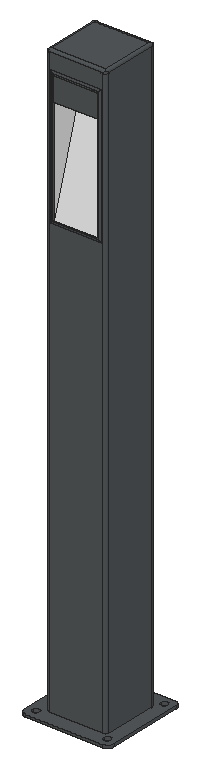
Revit family "svetilnik_alfresco_ar deko_dtu19", category Lighting Fixtures, Revit 2016 (continued)
Definition of nested family "Источник света Ар_Деко"
  Types (5, lengths in mm): name | Photometric Web File | built-in parameter 1150142
         0.2       0.2       0.2       0.2       0.2       0.2       0.2       0.2\r\n       0.2       0.2       0.2       0.2       0.2       0.2       0.2       0.2\r\n       0.2       0.2       0.2       0.2       0.2       0.2       0.2       0.2\r\n       0.2       0.2       0.2       0.2       0.2       0.2       0.2       0.2\r\n       0.2       0.2       0.2       0.2       0.2       0.2       0.2       0.2\r\n       0.2       0.2       0.2       0.2       0.2       0.2       0.2       0.2\r\n       0.2       0.2       0.2       0.2       0.2       0.2       0.2       0.2\r\n       0.2       0.2       0.2       0.2       0.2       0.2       0.2       0.2\r\n       0.2       0.2       0.2       0.2       0.2       0.2       0.2       0.2\r\n       0.2       0.2       0.2       0.2       0.2       0.2       0.2       0.2\r\n       0.2       0.2       0.2       0.2       0.2       0.2       0.2       0.2\r\n       0.2       0.2       0.2       0.2       0.2       0.2       0.2       0.2\r\n       0.2       0.2       0.2       0.2       0.2       0.2       0.2       0.2\r\n       0.2       0.2       0.2       0.2       0.2       0.2       0.2       0.2\r\n       0.2       0.2       0.2       0.2       0.2       0.2       0.2       0.2\r\n       0.2       0.2       0.2       0.2       0.2       0.2       0.2       0.2\r\n       0.2       0.2       0.2       0.1       0.1       0.1       0.0       0.0\r\n       0.0       0.0       0.0       0.0       0.0\r\n       0.0       0.0       0.1       0.1       0.1       0.1       0.1       0.1\r\n       0.2       0.2       0.2       0.2       0.2       0.2       0.2       0.2\r\n       0.2       0.2       0.2       0.2       0.2       0.2       0.2       0.2\r\n       0.2       0.2       0.2       0.2       0.2       0.2       0.2       0.2\r\n       0.2       0.2       0.2       0.2       0.2       0.2       0.2       0.2\r\n       0.2       0.2       0.2       0.2       0.2       0.2       0.2       0.2\r\n       0.2       0.2       0.2       0.2       0.2       0.2       0.2       0.2\r\n       0.2       0.2       0.2       0.2       0.2       0.2       0.2       0.2\r\n       0.2       0.2       0.2       0.2       0.2       0.2       0.2       0.2\r\n       0.2       0.2       0.2       0.2       0.2       0.2       0.2       0.2\r\n       0.2       0.2       0.2       0.2       0.2       0.2       0.2       0.2\r\n       0.2       0.2       0.2       0.2       0.2       0.2       0.2       0.2\r\n       0.2       0.2       0.2       0.2       0.2       0.2       0.2       0.2\r\n       0.2       0.2       0.2       0.2       0.2       0.2       0.2       0.2\r\n       0.2       0.2       0.2       0.2       0.2       0.2       0.2       0.2\r\n       0.2       0.2       0.2       0.2       0.2       0.2       0.2       0.2\r\n       0.2       0.2       0.2       0.2       0.2       0.2       0.2       0.2\r\n       0.2       0.2       0.2       0.2       0.2       0.2       0.2       0.2\r\n       0.2       0.2       0.2       0.2       0.2       0.2       0.2       0.2\r\n       0.2       0.2       0.2       0.2       0.2       0.2       0.2       0.2\r\n       0.2       0.2       0.2       0.2       0.2       0.2       0.2       0.2\r\n       0.2       0.2       0.2       0.1       0.1       0.1       0.0       0.0\r\n       0.0       0.0       0.0       0.0       0.0\r\n       0.0       0.0       0.1       0.1       0.1       0.1       0.1       0.1\r\n       0.2       0.2       0.2       0.2       0.2       0.2       0.2       0.2\r\n       0.2       0.2       0.2       0.2       0.2       0.2       0.2       0.2\r\n       0.2       0.2       0.2       0.2       0.2       0.2       0.2       0.2\r\n       0.2       0.2       0.2       0.2       0.2       0.2       0.2       0.2\r\n       0.2       0.2       0.2       0.2       0.2       0.2       0.2       0.2\r\n       0.2       0.2       0.2       0.2       0.2       0.2       0.2       0.2\r\n       0.2       0.2       0.2       0.2       0.2       0.2       0.2       0.2\r\n       0.2       0.2       0.2       0.2       0.2       0.2       0.2       0.2\r\n       0.2       0.2       0.2       0.2       0.2       0.2       0.2       0.2\r\n       0.2       0.2       0.2       0.2       0.2       0.2       0.2       0.2\r\n       0.2       0.2       0.2       0.2       0.2       0.2       0.2       0.2\r\n       0.2       0.2       0.2       0.2       0.2       0.2       0.2       0.2\r\n       0.2       0.2       0.2       0.2       0.2       0.2       0.2       0.2\r\n       0.2       0.2       0.2       0.2       0.2       0.2       0.2       0.2\r\n       0.2       0.2       0.2       0.2       0.2       0.2       0.2       0.2\r\n       0.2       0.2       0.2       0.2       0.2       0.2       0.2       0.2\r\n       0.2       0.2       0.2       0.2       0.2       0.2       0.2       0.2\r\n       0.2       0.2       0.2       0.2       0.2       0.2       0.2       0.2\r\n       0.2       0.2       0.2       0.2       0.2       0.2       0.2       0.2\r\n       0.2       0.2       0.2       0.2       0.2       0.2       0.2       0.2\r\n       0.2       0.2       0.2       0.1       0.1       0.1       0.0       0.0\r\n       0.0       0.0       0.0       0.0       0.0\r\n       0.0       0.0       0.1       0.1       0.1       0.1       0.1       0.1\r\n       0.2       0.2       0.2       0.2       0.2       0.2       0.2       0.2\r\n       0.2       0.2       0.2       0.2       0.2       0.2       0.2       0.2\r\n       0.2       0.2       0.2       0.2       0.2       0.2       0.2       0.2\r\n       0.2       0.2       0.2       0.2       0.2       0.2       0.2       0.2\r\n       0.2       0.2       0.2       0.2       0.2       0.2       0.2       0.2\r\n       0.2       0.2       0.2       0.2       0.2       0.2       0.2       0.2\r\n       0.2       0.2       0.2       0.2       0.2       0.2       0.2       0.2\r\n       0.2       0.2       0.2       0.2       0.2       0.2       0.2       0.2\r\n       0.2       0.2       0.2       0.2       0.2       0.2       0.2       0.2\r\n       0.2       0.2       0.2       0.2       0.2       0.2       0.2       0.2\r\n       0.2       0.2       0.2       0.2       0.2       0.2       0.2       0.2\r\n       0.2       0.2       0.2       0.2       0.2       0.2       0.2       0.2\r\n       0.2       0.2       0.2       0.2       0.2       0.2       0.2       0.2\r\n       0.2       0.2       0.2       0.2       0.2       0.2       0.2       0.2\r\n       0.2       0.2       0.2       0.2       0.2       0.2       0.2       0.2\r\n       0.2       0.2       0.2       0.2       0.2       0.2       0.2       0.2\r\n       0.2       0.2       0.2       0.2       0.2       0.2       0.2       0.2\r\n       0.2       0.2       0.2       0.2       0.2       0.2       0.2       0.2\r\n       0.2       0.2       0.2       0.2       0.2       0.2       0.2       0.2\r\n       0.2       0.2       0.2       0.2       0.2       0.2       0.2       0.2\r\n       0.2       0.2       0.2       0.1       0.1       0.1       0.0       0.0\r\n       0.0       0.0       0.0       0.0       0.0\r\n       0.0       0.0       0.1       0.1       0.1       0.1       0.1       0.1\r\n       0.2       0.2       0.2       0.2       0.2       0.2       0.2       0.2\r\n       0.2       0.2       0.2       0.2       0.2       0.2       0.2       0.2\r\n       0.2       0.2       0.2       0.2       0.2       0.2       0.2       0.2\r\n       0.2       0.2       0.2       0.2       0.2       0.2       0.2       0.2\r\n       0.2       0.2       0.2       0.2       0.2       0.2       0.2       0.2\r\n       0.2       0.2       0.2       0.2       0.2       0.2       0.2       0.2\r\n       0.2       0.2       0.2       0.2       0.2       0.2       0.2       0.2\r\n       0.2       0.2       0.2       0.2       0.2       0.2       0.2       0.2\r\n       0.2       0.2       0.2       0.2       0.2       0.2       0.3       0.2\r\n       0.2       0.2       0.2       0.2       0.2       0.2       0.2       0.2\r\n       0.2       0.2       0.2       0.2       0.2       0.2       0.2       0.2\r\n       0.2       0.2       0.2       0.2       0.2       0.2       0.2       0.2\r\n       0.2       0.2       0.2       0.2       0.2       0.2       0.2       0.2\r\n       0.2       0.2       0.2       0.2       0.2       0.2       0.2       0.2\r\n       0.2       0.2       0.2       0.2       0.2       0.2       0.2       0.2\r\n       0.2       0.2       0.2       0.2       0.2       0.2       0.2       0.2\r\n       0.2       0.2       0.2       0.2       0.2       0.2       0.2       0.2\r\n       0.2       0.2       0.2       0.2       0.2       0.2       0.2       0.2\r\n       0.2       0.2       0.2       0.2       0.2       0.2       0.2       0.2\r\n       0.2       0.2       0.2       0.2       0.2       0.2       0.2       0.2\r\n       0.2       0.2       0.2       0.1       0.1       0.1       0.0       0.0\r\n       0.0       0.0       0.0       0.0       0.0\r\n       0.0       0.0       0.1       0.1       0.1       0.1       0.1       0.1\r\n       0.2       0.2       0.2       0.2       0.2       0.2       0.2       0.2\r\n       0.2       0.2       0.2       0.2       0.2       0.2       0.2       0.2\r\n       0.2       0.2       0.2       0.2       0.2       0.2       0.2       0.2\r\n       0.2       0.2       0.2       0.2       0.2       0.2       0.2       0.2\r\n       0.2       0.2       0.2       0.2       0.2       0.2       0.2       0.2\r\n       0.2       0.2       0.2       0.2       0.2       0.2       0.2       0.2\r\n       0.2       0.2       0.2       0.2       0.2       0.2       0.2       0.2\r\n       0.2       0.2       0.2       0.2       0.2       0.2       0.2       0.2\r\n       0.2       0.2       0.2       0.2       0.2       0.2       0.2       0.2\r\n       0.2       0.2       0.2       0.2       0.2       0.2       0.2       0.2\r\n       0.2       0.2       0.2       0.2       0.2       0.2       0.2       0.2\r\n       0.2       0.2       0.2       0.2       0.2       0.2       0.2       0.2\r\n       0.2       0.2       0.2       0.2       0.2       0.2       0.2       0.2\r\n       0.2       0.2       0.2       0.2       0.2       0.2       0.2       0.2\r\n       0.2       0.2       0.2       0.2       0.2       0.2       0.2       0.2\r\n       0.2       0.2       0.2       0.2       0.2       0.2       0.2       0.2\r\n       0.2       0.2       0.2       0.2       0.2       0.2       0.2       0.2\r\n       0.2       0.2       0.2       0.2       0.2       0.2       0.2       0.2\r\n       0.2       0.2       0.2       0.2       0.2       0.2       0.2       0.2\r\n       0.2       0.2       0.2       0.2       0.2       0.2       0.2       0.2\r\n       0.2       0.2       0.2       0.1       0.1       0.1       0.0       0.0\r\n       0.0       0.0       0.0       0.0       0.0\r\n       0.0       0.0       0.1       0.1       0.1       0.1       0.1       0.1\r\n       0.2       0.2       0.2       0.2       0.2       0.2       0.2       0.2\r\n       0.2       0.2       0.2       0.2       0.2       0.2       0.2       0.2\r\n       0.2       0.2       0.2       0.2       0.2       0.2       0.2       0.2\r\n       0.2       0.2       0.2       0.2       0.2       0.2       0.2       0.2\r\n       0.2       0.2       0.2       0.2       0.2       0.2       0.2       0.2\r\n       0.2       0.2       0.2       0.2       0.2       0.2       0.2       0.2\r\n       0.2       0.2       0.2       0.2       0.2       0.2       0.2       0.2\r\n       0.2       0.2       0.2       0.2       0.2       0.2       0.2       0.2\r\n       0.2       0.2       0.2       0.2       0.2       0.2       0.2       0.2\r\n       0.2       0.2       0.2       0.2       0.2       0.2       0.2       0.2\r\n       0.2       0.2       0.2       0.2       0.2       0.2       0.2       0.2\r\n       0.2       0.2       0.2       0.2       0.2       0.2       0.2       0.2\r\n       0.2       0.2       0.2       0.2       0.2       0.2       0.2       0.2\r\n       0.2       0.2       0.2       0.2       0.2       0.2       0.2       0.2\r\n       0.2       0.2       0.2       0.2       0.2       0.2       0.2       0.2\r\n       0.2       0.2       0.2       0.2       0.2       0.2       0.2       0.2\r\n       0.2       0.2       0.2       0.2       0.2       0.2       0.2       0.2\r\n       0.2       0.2       0.2       0.2       0.2       0.2       0.2       0.2\r\n       0.2       0.2       0.2       0.2       0.2       0.2       0.2       0.2\r\n       0.2       0.2       0.2       0.2       0.2       0.2       0.2       0.2\r\n       0.2       0.2       0.2       0.1       0.1       0.1       0.0       0.0\r\n       0.0       0.0       0.0       0.0       0.0\r\n       0.0       0.0       0.1       0.1       0.1       0.1       0.1       0.1\r\n       0.2       0.2       0.2       0.2       0.2       0.2       0.2       0.2\r\n       0.2       0.2       0.2       0.2       0.2       0.2       0.2       0.2\r\n       0.2       0.2       0.2       0.2       0.2       0.2       0.2       0.2\r\n       0.2       0.2       0.2       0.2       0.2       0.2       0.2       0.2\r\n       0.2       0.2       0.2       0.2       0.2       0.2       0.2       0.2\r\n       0.2       0.2       0.2       0.2       0.2       0.2       0.2       0.2\r\n       0.2       0.2       0.2       0.2       0.2       0.2       0.2       0.2\r\n       0.2       0.2       0.2       0.2       0.2       0.2       0.2       0.2\r\n       0.2       0.2       0.2       0.2       0.2       0.2       0.2       0.2\r\n       0.2       0.2       0.2       0.2       0.2       0.2       0.2       0.2\r\n       0.2       0.2       0.2       0.2       0.2       0.2       0.2       0.2\r\n       0.2       0.2       0.2       0.2       0.2       0.2       0.2       0.2\r\n       0.2       0.2       0.2       0.2       0.2       0.2       0.2       0.2\r\n       0.2       0.2       0.2       0.2       0.2       0.2       0.2       0.2\r\n       0.2       0.2       0.2       0.2       0.2       0.2       0.2       0.2\r\n       0.2       0.2       0.2       0.2       0.2       0.2       0.2       0.2\r\n       0.2       0.2       0.2       0.2       0.2       0.2       0.2       0.2\r\n       0.2       0.2       0.2       0.2       0.2       0.2       0.2       0.2\r\n       0.2       0.2       0.2       0.2       0.2       0.2       0.2       0.2\r\n       0.2       0.2       0.2       0.2       0.2       0.2       0.2       0.2\r\n       0.2       0.2       0.2       0.1       0.1       0.1       0.0       0.0\r\n       0.0       0.0       0.0       0.0       0.0\r\n       0.0       0.0       0.2       0.1       0.1       0.1       0.1       0.1\r\n       0.2       0.2       0.2       0.2       0.2       0.2       0.2       0.2\r\n       0.2       0.2       0.2       0.2       0.2       0.2       0.2       0.2\r\n       0.2       0.2       0.2       0.2       0.2       0.2       0.2       0.2\r\n       0.2       0.2       0.2       0.2       0.2       0.2       0.2       0.2\r\n       0.2       0.2       0.2       0.2       0.2       0.2       0.2       0.2\r\n       0.2       0.2       0.2       0.2       0.2       0.2       0.2       0.2\r\n       0.2       0.2       0.2       0.2       0.2       0.2       0.2       0.2\r\n       0.2       0.2       0.2       0.2       0.2       0.2       0.2       0.2\r\n       0.2       0.2       0.2       0.2       0.2       0.2       0.2       0.2\r\n       0.2       0.2       0.2       0.2       0.2       0.2       0.2       0.2\r\n       0.2       0.2       0.2       0.2       0.2       0.2       0.2       0.2\r\n       0.2       0.2       0.2       0.2       0.2       0.2       0.2       0.2\r\n       0.2       0.2       0.2       0.2       0.2       0.2       0.2       0.2\r\n       0.2       0.2       0.2       0.2       0.2       0.2       0.2       0.2\r\n       0.2       0.2       0.2       0.2       0.2       0.2       0.2       0.2\r\n       0.2       0.2       0.2       0.2       0.2       0.2       0.2       0.2\r\n       0.2       0.2       0.2       0.2       0.2       0.2       0.2       0.2\r\n       0.2       0.2       0.2       0.2       0.2       0.2       0.2       0.2\r\n       0
      .2       0.2       0.2       0.2       0.2       0.2       0.2       0.2\r\n       0.2       0.2       0.2       0.2       0.2       0.2       0.2       0.2\r\n       0.2       0.2       0.2       0.1       0.1       0.1       0.0       0.0\r\n       0.0       0.0       0.0       0.0       0.0\r\n       0.0       0.0       0.2       0.1       0.1       0.1       0.1       0.1\r\n       0.2       0.2       0.2       0.2       0.2       0.2       0.2       0.2\r\n       0.2       0.2       0.2       0.2       0.2       0.2       0.2       0.2\r\n       0.2       0.2       0.2       0.2       0.2       0.2       0.2       0.2\r\n       0.2       0.2       0.2       0.2       0.2       0.2       0.2       0.2\r\n       0.2       0.2       0.2       0.2       0.2       0.2       0.2       0.2\r\n       0.2       0.2       0.2       0.2       0.2       0.2       0.2       0.2\r\n       0.2       0.2       0.2       0.2       0.2       0.2       0.2       0.2\r\n       0.2       0.3       0.3       0.3       0.3       0.3       0.3       0.3\r\n       0.3       0.2       0.2       0.2       0.2       0.2       0.2       0.2\r\n       0.2       0.2       0.2       0.2       0.2       0.2       0.2       0.2\r\n       0.2       0.2       0.2       0.2       0.2       0.2       0.2       0.2\r\n       0.2       0.2       0.2       0.2       0.2       0.2       0.2       0.2\r\n       0.2       0.2       0.2       0.2       0.2       0.2       0.2       0.2\r\n       0.2       0.2       0.2       0.2       0.2       0.2       0.2       0.2\r\n       0.2       0.2       0.2       0.2       0.2       0.2       0.2       0.2\r\n       0.2       0.2       0.2       0.2       0.2       0.2       0.2       0.2\r\n       0.2       0.2       0.2       0.2       0.2       0.2       0.2       0.2\r\n       0.2       0.2       0.2       0.2       0.2       0.2       0.2       0.2\r\n       0.2       0.2       0.2       0.2       0.2       0.2       0.2       0.2\r\n       0.2       0.2       0.2       0.2       0.2       0.2       0.2       0.2\r\n       0.2       0.2       0.2       0.1       0.1       0.1       0.0       0.0\r\n       0.0       0.0       0.0       0.0       0.0\r\n       0.0       0.0       0.2       0.1       0.1       0.1       0.1       0.1\r\n       0.2       0.3       0.2       0.2       0.2       0.2       0.2       0.2\r\n       0.2       0.2       0.2       0.2       0.2       0.2       0.2       0.2\r\n       0.2       0.2       0.2       0.2       0.2       0.2       0.2       0.2\r\n       0.2       0.2       0.2       0.2       0.2       0.2       0.2       0.2\r\n       0.2       0.2       0.2       0.2       0.2       0.2       0.2       0.2\r\n       0.2       0.2       0.2       0.2       0.2       0.2       0.2       0.2\r\n       0.2       0.2       0.2       0.3       0.3       0.3       0.3       0.3\r\n       0.4       0.7       0.7       0.7       0.6       0.5       0.5       0.4\r\n       0.4       0.3       0.3       0.2       0.2       0.2       0.2       0.2\r\n       0.2       0.2       0.2       0.2       0.2       0.2       0.2       0.2\r\n       0.2       0.2       0.2       0.2       0.2       0.2       0.2       0.2\r\n       0.2       0.2       0.2       0.2       0.2       0.2       0.2       0.2\r\n       0.2       0.2       0.2       0.2       0.2       0.2       0.2       0.2\r\n       0.2       0.2       0.2       0.2       0.2       0.2       0.2       0.2\r\n       0.2       0.2       0.2       0.2       0.2       0.2       0.2       0.2\r\n       0.2       0.2       0.2       0.2       0.2       0.2       0.2       0.2\r\n       0.2       0.2       0.2       0.2       0.2       0.2       0.2       0.2\r\n       0.2       0.2       0.2       0.2       0.2       0.2       0.2       0.2\r\n       0.2       0.2       0.2       0.2       0.2       0.2       0.2       0.2\r\n       0.2       0.2       0.2       0.2       0.2       0.2       0.2       0.2\r\n       0.2       0.2       0.2       0.2       0.1       0.1       0.0       0.0\r\n       0.0       0.0       0.0       0.0       0.0\r\n       0.0       0.0       0.2       0.1       0.2       0.1       0.1       0.1\r\n       0.2       0.3       0.2       0.2       0.2       0.2       0.2       0.2\r\n       0.2       0.2       0.2       0.2       0.2       0.2       0.2       0.2\r\n       0.2       0.2       0.2       0.2       0.2       0.2       0.2       0.2\r\n       0.2       0.2       0.2       0.2       0.2       0.2       0.3       0.9\r\n       1.2       1.2       1.0       0.9       0.8       0.7       0.6       0.5\r\n       0.4       0.4       0.4       0.4       0.4       0.4       0.5       0.6\r\n       0.5       0.5       0.6       0.8       0.9       1.0       1.2       1.0\r\n       0.7       1.0       1.3       1.4       1.2       1.0       0.8       0.7\r\n       0.6       0.5       0.4       0.4       0.3       0.3       0.3       0.2\r\n       0.2       0.2       0.2       0.2       0.2       0.2       0.2       0.2\r\n       0.2       0.2       0.2       0.2       0.2       0.2       0.2       0.2\r\n       0.2       0.2       0.2       0.2       0.2       0.2       0.2       0.2\r\n       0.2       0.2       0.2       0.2       0.2       0.2       0.2       0.2\r\n       0.2       0.2       0.2       0.2       0.2       0.2       0.2       0.2\r\n       0.2       0.2       0.2       0.2       0.2       0.2       0.2       0.2\r\n       0.2       0.2       0.2       0.2       0.2       0.2       0.2       0.2\r\n       0.2       0.2       0.2       0.2       0.2       0.2       0.2       0.2\r\n       0.2       0.2       0.2       0.2       0.2       0.2       0.2       0.2\r\n       0.2       0.2       0.2       0.2       0.2       0.2       0.2       0.2\r\n       0.2       0.2       0.2       0.2       0.2       0.2       0.2       0.2\r\n       0.2       0.2       0.2       0.2       0.1       0.1       0.0       0.0\r\n       0.0       0.0       0.0       0.0       0.0\r\n       0.0       0.0       0.2       0.1       0.2       0.1       0.1       0.1\r\n       0.2       0.3       0.2       0.2       0.2       0.2       0.2       0.2\r\n       0.2       0.2       0.2       0.2       0.2       0.2       0.2       0.2\r\n       0.2       0.2       0.2       0.2       0.2       0.2       0.2       0.2\r\n       0.3       0.7       0.7       0.9       2.5       2.5       4.6      17.7\r\n      28.3      32.2      31.9      32.9      31.0      28.3      26.0      23.7\r\n      21.6      19.2      16.5      14.3      12.6      11.4      10.3       9.2\r\n       8.7       8.5       8.8       9.5       9.5       9.9       9.9       9.6\r\n      10.2      10.5      10.4      10.9      10.7      10.3      10.5      10.0\r\n       9.6       9.6       8.8       8.0       7.8       7.1       6.5       6.1\r\n       4.0       1.4       0.5       0.2       0.2       0.2       0.2       0.2\r\n       0.2       0.2       0.2       0.2       0.2       0.2       0.2       0.2\r\n       0.2       0.2       0.2       0.2       0.2       0.2       0.2       0.2\r\n       0.2       0.2       0.2       0.2       0.2       0.2       0.2       0.2\r\n       0.2       0.2       0.2       0.2       0.2       0.2       0.2       0.2\r\n       0.2       0.2       0.2       0.2       0.2       0.2       0.2       0.2\r\n       0.2       0.2       0.2       0.2       0.2       0.2       0.2       0.2\r\n       0.2       0.2       0.2       0.2       0.2       0.2       0.2       0.2\r\n       0.2       0.2       0.2       0.2       0.2       0.2       0.2       0.2\r\n       0.2       0.2       0.2       0.2       0.2       0.2       0.2       0.2\r\n       0.2       0.2       0.2       0.2       0.2       0.2       0.2       0.2\r\n       0.2       0.2       0.2       0.2       0.1       0.1       0.0       0.0\r\n       0.0       0.0       0.0       0.0       0.0\r\n       0.0       0.0       0.2       0.1       0.2       0.1       0.1       0.1\r\n       0.2       0.3       0.2       0.2       0.2       0.2       0.2       0.2\r\n       0.2       0.2       0.2       0.2       0.2       0.2       0.2       0.2\r\n       0.2       0.2       0.2       0.2       0.2       0.2       0.6       1.3\r\n       2.5       7.3       9.8      13.7      29.5      46.7      54.6      59.2\r\n      63.3      65.5      68.9      71.5      74.0      72.6      70.6      67.4\r\n      65.3      64.1      62.1      61.6      60.7      59.8      59.2      58.8\r\n      57.6      56.4      55.4      53.9      52.1      50.9      49.5      47.2\r\n      44.6      42.6      41.7      40.1      38.3      37.2      35.6      33.4\r\n      30.8      28.4      26.4      24.1      22.7      20.6      17.6      12.3\r\n       7.0       3.9       2.5       1.4       0.7       0.3       0.2       0.2\r\n       0.2       0.2       0.2       0.2       0.2       0.2       0.2       0.2\r\n       0.2       0.2       0.2       0.2       0.2       0.2       0.2       0.2\r\n       0.2       0.2       0.2       0.2       0.2       0.2       0.2       0.2\r\n       0.2       0.2       0.2       0.2       0.2       0.2       0.2       0.2\r\n       0.2       0.2       0.2       0.2       0.2       0.2       0.2       0.2\r\n       0.2       0.2       0.2       0.2       0.2       0.2       0.2       0.2\r\n       0.2       0.2       0.2       0.2       0.2       0.2       0.2       0.2\r\n       0.2       0.2       0.2       0.2       0.2       0.2       0.2       0.2\r\n       0.2       0.2       0.2       0.2       0.2       0.2       0.2       0.2\r\n       0.2       0.2       0.2       0.2       0.2       0.2       0.2       0.2\r\n       0.2       0.2       0.2       0.2       0.1       0.1       0.0       0.0\r\n       0.0       0.0       0.0       0.0       0.0\r\n       0.0       0.0       0.2       0.1       0.2       0.1       0.1       0.1\r\n       0.2       0.3       0.2       0.2       0.2       0.2       0.2       0.2\r\n       0.2       0.2       0.2       0.2       0.2       0.2       0.2       0.2\r\n       0.2       0.2       0.2       0.3       1.1       3.0       6.5      13.8\r\n      18.7      28.7      51.5      64.5      73.2      82.0      90.2      94.9\r\n     100.3     105.0     109.2     113.7     112.3     112.5     109.7     106.5\r\n     104.3     102.3     100.3      97.6      95.6      94.8      93.6      91.2\r\n      90.6      88.7      86.1      84.2      83.0      81.0      78.4      76.1\r\n      73.5      70.7      68.6      66.0      63.9      61.3      57.8      53.9\r\n      50.4      46.7      44.0      41.1      37.5      30.7      23.0      17.2\r\n      13.0       9.4       6.7       4.7       3.0       1.7       0.8       0.3\r\n       0.2       0.2       0.2       0.2       0.2       0.2       0.2       0.2\r\n       0.2       0.2       0.2       0.2       0.2       0.2       0.2       0.2\r\n       0.2       0.2       0.2       0.2       0.2       0.2       0.2       0.2\r\n       0.2       0.2       0.2       0.2       0.2       0.2       0.2       0.2\r\n       0.2       0.2       0.2       0.2       0.2       0.2       0.2       0.2\r\n       0.2       0.2       0.2       0.2       0.2       0.2       0.2       0.2\r\n       0.2       0.2       0.2       0.2       0.2       0.2       0.2       0.2\r\n       0.2       0.2       0.2       0.2       0.2       0.2       0.2       0.2\r\n       0.2       0.2       0.2       0.2       0.2       0.2       0.2       0.2\r\n       0.2       0.2       0.2       0.2       0.2       0.2       0.2       0.2\r\n       0.2       0.2       0.2       0.2       0.1       0.1       0.0       0.0\r\n       0.0       0.0       0.0       0.0       0.0\r\n       0.0       0.0       0.2       0.1       0.2       0.1       0.1       0.1\r\n       0.2       0.3       0.2       0.2       0.2       0.2       0.2       0.2\r\n       0.2       0.2       0.2       0.2       0.2       0.2       0.2       0.2\r\n       0.3       0.5       0.9       4.4      10.3      24.3      34.7      49.5\r\n      64.4      75.0      83.8      92.5     101.2     110.4     122.8     128.6\r\n     140.5     155.9     156.4     165.2     172.1     168.9     168.0     167.5\r\n     166.4     163.9     163.7     162.5     161.6     159.0     156.9     154.6\r\n     150.7     147.2     143.9     139.8     135.2     130.3     126.3     121.9\r\n     116.5     112.1     108.0     104.3      99.5      95.0      90.1      85.3\r\n      80.5      75.0      69.5      62.2      52.5      43.3      35.6      29.8\r\n      24.6      19.9      15.9      11.6       8.2       5.2       3.3       0.7\r\n       0.2       0.2       0.2       0.2       0.2       0.2       0.2       0.2\r\n       0.2       0.2       0.2       0.2       0.2       0.2       0.2       0.2\r\n       0.2       0.2       0.2       0.2       0.2       0.2       0.2       0.2\r\n       0.2       0.2       0.2       0.2       0.2       0.2       0.2       0.2\r\n       0.2       0.2       0.2       0.2       0.2       0.2       0.2       0.2\r\n       0.2       0.2       0.2       0.2       0.2       0.2       0.2       0.2\r\n       0.2       0.2       0.2       0.2       0.2       0.2       0.2       0.2\r\n       0.2       0.2       0.2       0.2       0.2       0.2       0.2       0.2\r\n       0.2       0.2       0.2       0.2       0.2       0.2       0.2       0.2\r\n       0.2       0.2       0.2       0.2       0.2       0.2       0.2       0.2\r\n       0.2       0.2       0.2       0.1       0.1       0.1       0.0       0.0\r\n       0.0       0.0       0.0       0.0       0.0\r\n       0.0       0.0       0.2       0.1       0.2       0.1       0.1       0.2\r\n       0.2       0.3       0.2       0.2       0.2       0.2       0.2       0.2\r\n       0.2       0.2       0.2       0.2       0.2       0.2       0.3       0.4\r\n       1.7       4.4      11.1      30.2      41.1      52.9      67.3      81.5\r\n      93.5     100.1     109.7     126.0     138.4     151.3     168.4     182.1\r\n     196.9     213.0     216.8     213.5     211.4     210.4     205.1     202.2\r\n     199.2     197.1     193.2     189.5     186.2     183.3     180.9     178.3\r\n     175.0     170.7     167.5     163.2     158.5     155.5     151.8     147.2\r\n     142.8     138.2     134.2     129.3     124.2     118.7     113.9     108.8\r\n     103.0      95.2      83.0      71.0      62.6      54.4      48.5      41.8\r\n      36.1      30.2      25.2      19.9      14.2       9.6       6.0       1.3\r\n       0.3       0.2       0.2       0.2       0.2       0.2       0.2       0.2\r\n       0.2       0.2       0.2       0.2       0.2       0.2       0.2       0.2\r\n       0.2       0.2       0.2       0.2       0.2       0.2       0.2       0.2\r\n       0.2       0.2       0.2       0.2       0.2       0.2       0.2       0.2\r\n       0.2       0.2       0.2       0.2       0.2       0.2       0.2       0.2\r\n       0.2       0.2       0.2       0.2       0.2       0.2       0.2       0.2\r\n       0.2       0.2       0.2       0.2       0.2       0.2       0.2       0.2\r\n       0.2       0.2       0.2       0.2       0.2       0.2       0.2       0.2\r\n       0.2       0.2       0.2       0.2       0.2       0.2       0.2       0.2\r\n       0.2       0.2       0.2       0.2       0.2       0.2       0.2       0.2\r\n       0.2       0.2       0.2       0.1       0.1       0.1       0.0       0.0\r\n       0.0       0.0       0.0       0.0       0.0\r\n       0.0       0.0       0.2       0.1       0.2       0.1       0.1       0.2\r\n       0.2       0.3       0.2       0.2       0.2       0.2       0.2       0.2\r\n       0.2       0.2       0.2       0.2       0.2       0.3       1.7       5.0\r\n      12.5      23.5      48.5      64.1      74.4      87.0      97.3     107.5\r\n     115.2     130.4     146.1     159.4     179.6     193.2     211.1     222.5\r\n     225.9     224.7     221.8     220.0     217.4     212.4     212.6     209.4\r\n     206.8     204.9     200.7     198.6     196.1     191.9     189.3     184.6\r\n     180.2     178.4     173.3     167.9     163.8     161.3     156.3     151.3\r\n     147.6     143.1     137.8     132.6     127.9     123.6     118.8     112.3\r\n     101.9      88.8      76.8      67.8      60.6      53.9      47.3      40.7\r\n      35.6      28.9      24.6      18.3  
